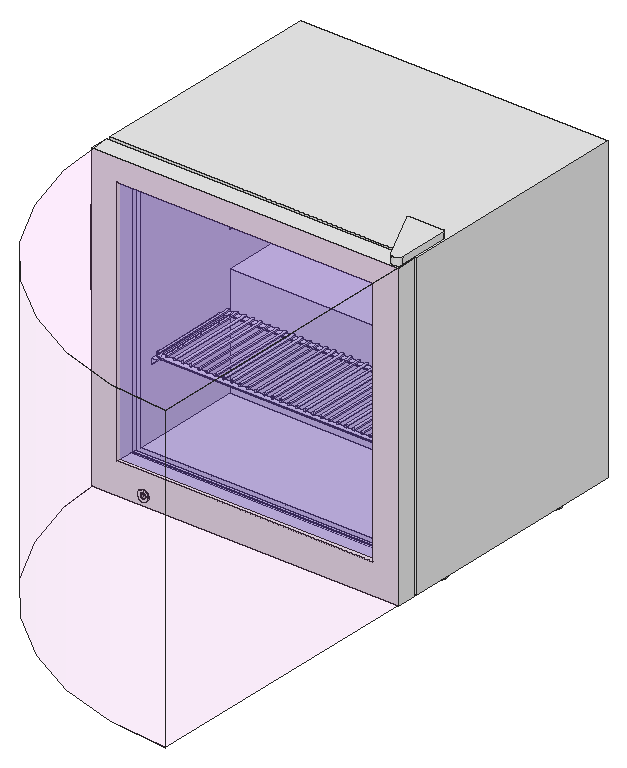
Revit family "QF_Summit_SCFU386_Countertop_Commercial_Freezer", category Specialty Equipment, Revit 2020
Family settings
  Round Connector Dimension = Use Diameter
  Part Type = Normal
  Work Plane-Based = No
  Always vertical = Yes
  Cut with Voids When Loaded = No
  Shared = No
  Room Calculation Point = No
Parameters
  Weight in Pounds = 83
  Watts = Volts * FL Amps  # 460 W
  Volts = 115 V
  URL Cutsheet = ""
  Specification by User = ""
  Specification by Manufacturer = ""
  Show Clearance [instance] = yes
  Serial Number = ""
  Seismic Rating = ""
  SMACNA No = ""
  Revision Code = ""
  Refrigerant Volume = 0.00 kip
  Refrigerant Type = "R600a"
  Phase = 1
  Number of Poles = 1
  NAFEM Spec ID Number = ""
  Model = "SCFU386"
  Min Ckt Ampacity = 0 A
  Max Overcurrent Protection = 0 A
  Masterspec = ""
  Manufacturer = "Summit"
  Length = 23.38"
  Item Number = ""
  Installed By = ""
  Identify Quantity as Lot = yes
  Height = 24"
  HP = ""
  Furnished By = ""
  Foodservice Equipment Identifier = yes
  FL Amps = 4 A
  Electrical Remarks = ""
  Electric Connection Type = ""
  Elec Conn RI Height = 0"
  Elec Conn Connection Height = 0"
  Description = "Countertop Commercial Freezer"
  Depth = 19 7/8"
  Default Elevation = 0"
  Cycle = 60 Hz
  Conn Plug = ""
  Conn Conduit = yes
  CSI MasterFormat = ""
  BTUH = 0.0 Btu/h
  Apparent Power = 0 VA
Reference planes (in)
  plane 1 "BACK": y = 0
  plane 2: z = 0
  plane 3 "LEFT": x = 0
  plane 4 "RIGHT": x = 23.38
  plane 5 "FRONT": y = -19.875
  plane 6 "TOP": z = 24
  plane 7 "Center Y": x = 11.69
  plane 8 "Center X": y = -9.9375
Dimensions and locks (in)
  equal spacing: plane 3 "LEFT", plane 7 "Center Y", plane 4 "RIGHT"
  "Length": plane 3 "LEFT" to plane 4 "RIGHT"
  equal spacing: plane 5 "FRONT", plane 8 "Center X", plane 1 "BACK"
  "Depth": plane 5 "FRONT" to plane 1 "BACK"
  "Height": plane 6 "TOP" to level
  aligned and locked: level to plane 2
Nested families (in)
  nested 1: "SCFU386" at (0, 0, 0), Show Clearance <- "Show Clearance", type "SCFU386"
    with Show Clearance yes
Connectors (in)
  electrical at (20.38, 0.03125, 2.51897), driven by "Volts", driven by "Watts"
    settings: on nested 1, index 1, voltage 115 V, apparent load 460 VA, apparent load phase1 0 VA, apparent load phase2 0 VA, apparent load phase3 0 VA, power factor 1, load classification "Other", number of poles 1, system type 30, power factor state 1, is connector primary yes, connector utility no, sub classification motor no, connector description "ELECTRICALCONNECTION"
Definition of nested family "SCFU386"
  Parameters (values of type "SCFU386")
    Weight in Pounds = 0
    URL Cutsheet = ""
    Specification by User = ""
    Specification by Manufacturer = ""
    Show Clearance [instance] = yes
    Serial Number = ""
    Seismic Rating = ""
    SMACNA No = ""
    Revision Code = ""
    NAFEM Spec ID Number = ""
    Masterspec = ""
    Length = 23.38"
    Item Number = ""
    Installed By = ""
    Identify Quantity as Lot = yes
    Height = 24"
    Furnished By = ""
    Foodservice Equipment Identifier = yes
    Depth = 19 7/8"
    Default Elevation = 0"
    CSI MasterFormat = ""
  Reference planes (in)
    plane 1 "BACK": y = 0
    plane 2: z = 0
    plane 3 "LEFT": x = 0
    plane 4 "RIGHT": x = 23.38
    plane 5 "FRONT": y = -19.875
    plane 6 "TOP": z = 24
    plane 7 "Center Y": x = 11.69
    plane 8 "Center X": y = -9.9375
    plane 9: z = 24.5
    plane 10: z = 1
    plane 11: y = -42
    plane 12: x = 20.38
  Forms (in)
    Extrusion 1, solid
      sketch origin (-4.29527, -180, 1) x (-1, 0, 0) y (0, -1, 0)
        loop
          line (-4.29527, -180) -> (-4.29527, -161.875) -> (-27.67527, -161.875) -> (-27.67527, -180) -> (-4.29527, -180)
      from 0 to 23
    Extrusion 2, void
      sketch origin (-6.37146, -180, 3.35476) x (0, -1, 0) y (-1, 0, 0)
        loop
          line (-177.33231, -9.19649) -> (-177.33231, -26.90901)
          arc (-177.33231, -26.90901) -> (-177.18586, -27.26257) -> (-176.83231, -27.40901) r 0.5
          line (-176.83231, -27.40901) -> (-161.875, -27.40901) -> (-161.875, -8.69649) -> (-176.83231, -8.69649)
          arc (-176.83231, -8.69649) -> (-177.18586, -8.84294) -> (-177.33231, -9.19649) r 0.5
      from -0.28333 to -18.2189
    Extrusion 3, solid
      sketch origin (2.32503, -3.16769, 48) x (-1, 0, 0) y (0, 0, 1)
        loop
          line (0, -38.67634) -> (-0.40451, -38.67634)
          arc (-0.40451, -38.67634) -> (-0.44106, -38.70076) -> (-0.43248, -38.74386) r 0.03955
          line (-0.43248, -38.74386) -> (-0.07853, -39.09782)
          arc (-0.07853, -39.09782) -> (-0.0284, -39.10779) -> (0, -39.06529) r 0.046
          line (0, -39.06529) -> (0, -38.67634)
        loop
          line (-18.71252, -38.67634) -> (-18.71252, -39.04788)
          arc (-18.71252, -39.04788) -> (-18.68413, -39.09038) -> (-18.634, -39.08041) r 0.046
          line (-18.634, -39.08041) -> (-18.29745, -38.74386)
          arc (-18.29745, -38.74386) -> (-18.28888, -38.70076) -> (-18.32542, -38.67634) r 0.03955
          line (-18.32542, -38.67634) -> (-18.71252, -38.67634)
      from -6.91878 to -13.92478
    Extrusion 4, solid
      sketch origin (-6.37146, -180, 3.63809) x (0, -1, 0) y (1, 0, 0)
        loop
          line (-176.83231, 8.69649) -> (-170.33231, 8.69649) -> (-170.33231, 27.40901) -> (-176.83231, 27.40901)
          arc (-176.83231, 27.40901) -> (-177.18586, 27.26257) -> (-177.33231, 26.90901) r 0.5
          line (-177.33231, 26.90901) -> (-177.33231, 9.19649)
          arc (-177.33231, 9.19649) -> (-177.18586, 8.84294) -> (-176.83231, 8.69649) r 0.5
      from 0 to 8.45518
    Extrusion 5, solid
      sketch origin (-10.88143, -9.9375, 48) x (-1, 0, 0) y (0, 0, 1)
        loop
          line (-13.20646, -32.67634) -> (-13.61097, -32.67634)
          arc (-13.61097, -32.67634) -> (-13.64752, -32.70076) -> (-13.63894, -32.74386) r 0.03955
          line (-13.63894, -32.74386) -> (-13.28499, -33.09782)
          arc (-13.28499, -33.09782) -> (-13.23486, -33.10779) -> (-13.20646, -33.06529) r 0.046
          line (-13.20646, -33.06529) -> (-13.20646, -32.67634)
        loop
          line (-31.91898, -32.67634) -> (-31.91898, -33.04788)
          arc (-31.91898, -33.04788) -> (-31.89058, -33.09038) -> (-31.84045, -33.08041) r 0.046
          line (-31.84045, -33.08041) -> (-31.50391, -32.74386)
          arc (-31.50391, -32.74386) -> (-31.49534, -32.70076) -> (-31.53188, -32.67634) r 0.03955
          line (-31.53188, -32.67634) -> (-31.91898, -32.67634)
      from 0.26981 to 6.6766
    Sweep 6, solid
      path origin (0, 0, 0) x (1, 0, 0) y (0, 1, 0)
        loop
          arc (2.5162, -16.375) -> (2.66265, -16.72855) -> (3.0162, -16.875) r 0.5
          line (3.0162, -16.875) -> (20.35494, -16.875)
          arc (20.35494, -16.875) -> (20.7085, -16.72855) -> (20.85494, -16.375) r 0.5
          line (20.85494, -16.375) -> (20.85494, -10.72322)
          arc (20.85494, -10.72322) -> (20.7085, -10.36967) -> (20.35494, -10.22322) r 0.5
          line (20.35494, -10.22322) -> (3.0162, -10.22322)
          arc (3.0162, -10.22322) -> (2.66265, -10.36967) -> (2.5162, -10.72322) r 0.5
          line (2.5162, -10.72322) -> (2.5162, -16.375)
      profile origin (2.5162, -13.54911, 0) x (-1, 0, 0) y (0, 0, 1)
        loop
          circle (0, 9.47281) r 0.14914
    Sweep 7, solid
      path origin (0, 7.4375, 0) x (1, 0, 0) y (0, 1, 0)
        loop
          arc (2.5162, -16.47322) -> (2.66265, -16.82677) -> (3.0162, -16.97322) r 0.5
          line (3.0162, -16.97322) -> (20.35494, -16.97322)
          arc (20.35494, -16.97322) -> (20.7085, -16.82677) -> (20.85494, -16.47322) r 0.5
          line (20.85494, -16.47322) -> (20.85494, -11.22322)
          arc (20.85494, -11.22322) -> (20.7085, -10.86967) -> (20.35494, -10.72322) r 0.5
          line (20.35494, -10.72322) -> (3.0162, -10.72322)
          arc (3.0162, -10.72322) -> (2.66265, -10.86967) -> (2.5162, -11.22322) r 0.5
          line (2.5162, -11.22322) -> (2.5162, -16.47322)
      profile origin (2.5162, -6.41072, 0) x (-1, 0, 0) y (0, 0, 1)
        loop
          circle (0, 15.47281) r 0.14914
    Extrusion 8, solid
      sketch origin (0, 0, 0) x (1, 0, 0) y (0, 0, 1)
        loop
          circle (2.70096, 9.70347) r 0.08155
      from 10.21801 to 16.89469
    Extrusion 9, solid
      sketch origin (18, 0, 0) x (1, 0, 0) y (0, 0, 1)
        loop
          circle (2.70096, 9.70347) r 0.08155
      from 10.21801 to 16.89469
    Extrusion 10, solid
      sketch origin (0.62069, 0, 0) x (1, 0, 0) y (0, 0, 1)
        loop
          circle (2.70096, 9.70347) r 0.08155
      from 10.21801 to 16.89469
    Extrusion 11, solid
      sketch origin (1.24138, 0, 0) x (1, 0, 0) y (0, 0, 1)
        loop
          circle (2.70096, 9.70347) r 0.08155
      from 10.21801 to 16.89469
    Extrusion 12, solid
      sketch origin (1.86207, 0, 0) x (1, 0, 0) y (0, 0, 1)
        loop
          circle (2.70096, 9.70347) r 0.08155
      from 10.21801 to 16.89469
    Extrusion 13, solid
      sketch origin (2.48276, 0, 0) x (1, 0, 0) y (0, 0, 1)
        loop
          circle (2.70096, 9.70347) r 0.08155
      from 10.21801 to 16.89469
    Extrusion 14, solid
      sketch origin (3.10345, 0, 0) x (1, 0, 0) y (0, 0, 1)
        loop
          circle (2.70096, 9.70347) r 0.08155
      from 10.21801 to 16.89469
    Extrusion 15, solid
      sketch origin (3.72414, 0, 0) x (1, 0, 0) y (0, 0, 1)
        loop
          circle (2.70096, 9.70347) r 0.08155
      from 10.21801 to 16.89469
    Extrusion 16, solid
      sketch origin (4.34483, 0, 0) x (1, 0, 0) y (0, 0, 1)
        loop
          circle (2.70096, 9.70347) r 0.08155
      from 10.21801 to 16.89469
    Extrusion 17, solid
      sketch origin (4.96552, 0, 0) x (1, 0, 0) y (0, 0, 1)
        loop
          circle (2.70096, 9.70347) r 0.08155
      from 10.21801 to 16.89469
    Extrusion 18, solid
      sketch origin (5.58621, 0, 0) x (1, 0, 0) y (0, 0, 1)
        loop
          circle (2.70096, 9.70347) r 0.08155
      from 10.21801 to 16.89469
    Extrusion 19, solid
      sketch origin (6.2069, 0, 0) x (1, 0, 0) y (0, 0, 1)
        loop
          circle (2.70096, 9.70347) r 0.08155
      from 10.21801 to 16.89469
    Extrusion 20, solid
      sketch origin (6.82759, 0, 0) x (1, 0, 0) y (0, 0, 1)
        loop
          circle (2.70096, 9.70347) r 0.08155
      from 10.21801 to 16.89469
    Extrusion 21, solid
      sketch origin (7.44828, 0, 0) x (1, 0, 0) y (0, 0, 1)
        loop
          circle (2.70096, 9.70347) r 0.08155
      from 10.21801 to 16.89469
    Extrusion 22, solid
      sketch origin (8.06897, 0, 0) x (1, 0, 0) y (0, 0, 1)
        loop
          circle (2.70096, 9.70347) r 0.08155
      from 10.21801 to 16.89469
    Extrusion 23, solid
      sketch origin (8.68966, 0, 0) x (1, 0, 0) y (0, 0, 1)
        loop
          circle (2.70096, 9.70347) r 0.08155
      from 10.21801 to 16.89469
    Extrusion 24, solid
      sketch origin (9.31034, 0, 0) x (1, 0, 0) y (0, 0, 1)
        loop
          circle (2.70096, 9.70347) r 0.08155
      from 10.21801 to 16.89469
    Extrusion 25, solid
      sketch origin (9.93103, 0, 0) x (1, 0, 0) y (0, 0, 1)
        loop
          circle (2.70096, 9.70347) r 0.08155
      from 10.21801 to 16.89469
    Extrusion 26, solid
      sketch origin (10.55172, 0, 0) x (1, 0, 0) y (0, 0, 1)
        loop
          circle (2.70096, 9.70347) r 0.08155
      from 10.21801 to 16.89469
    Extrusion 27, solid
      sketch origin (11.17241, 0, 0) x (1, 0, 0) y (0, 0, 1)
        loop
          circle (2.70096, 9.70347) r 0.08155
      from 10.21801 to 16.89469
    Extrusion 28, solid
      sketch origin (11.7931, 0, 0) x (1, 0, 0) y (0, 0, 1)
        loop
          circle (2.70096, 9.70347) r 0.08155
      from 10.21801 to 16.89469
    Extrusion 29, solid
      sketch origin (12.41379, 0, 0) x (1, 0, 0) y (0, 0, 1)
        loop
          circle (2.70096, 9.70347) r 0.08155
      from 10.21801 to 16.89469
    Extrusion 30, solid
      sketch origin (13.03448, 0, 0) x (1, 0, 0) y (0, 0, 1)
        loop
          circle (2.70096, 9.70347) r 0.08155
      from 10.21801 to 16.89469
    Extrusion 31, solid
      sketch origin (13.65517, 0, 0) x (1, 0, 0) y (0, 0, 1)
        loop
          circle (2.70096, 9.70347) r 0.08155
      from 10.21801 to 16.89469
    Extrusion 32, solid
      sketch origin (14.27586, 0, 0) x (1, 0, 0) y (0, 0, 1)
        loop
          circle (2.70096, 9.70347) r 0.08155
      from 10.21801 to 16.89469
    Extrusion 33, solid
      sketch origin (14.89655, 0, 0) x (1, 0, 0) y (0, 0, 1)
        loop
          circle (2.70096, 9.70347) r 0.08155
      from 10.21801 to 16.89469
    Extrusion 34, solid
      sketch origin (15.51724, 0, 0) x (1, 0, 0) y (0, 0, 1)
        loop
          circle (2.70096, 9.70347) r 0.08155
      from 10.21801 to 16.89469
    Extrusion 35, solid
      sketch origin (16.13793, 0, 0) x (1, 0, 0) y (0, 0, 1)
        loop
          circle (2.70096, 9.70347) r 0.08155
      from 10.21801 to 16.89469
    Extrusion 36, solid
      sketch origin (16.75862, 0, 0) x (1, 0, 0) y (0, 0, 1)
        loop
          circle (2.70096, 9.70347) r 0.08155
      from 10.21801 to 16.89469
    Extrusion 37, solid
      sketch origin (17.37931, 0, 0) x (1, 0, 0) y (0, 0, 1)
        loop
          circle (2.70096, 9.70347) r 0.08155
      from 10.21801 to 16.89469
    Extrusion 38, solid
      sketch origin (0, 0, 6) x (1, 0, 0) y (0, 0, 1)
        loop
          circle (2.70096, 9.70347) r 0.08155
      from 3.28472 to 9.54206
    Extrusion 39, solid
      sketch origin (18, 0, 6) x (1, 0, 0) y (0, 0, 1)
        loop
          circle (2.70096, 9.70347) r 0.08155
      from 3.28472 to 9.54206
    Extrusion 40, solid
      sketch origin (0.62069, 0, 6) x (1, 0, 0) y (0, 0, 1)
        loop
          circle (2.70096, 9.70347) r 0.08155
      from 3.28472 to 9.54206
    Extrusion 41, solid
      sketch origin (1.24138, 0, 6) x (1, 0, 0) y (0, 0, 1)
        loop
          circle (2.70096, 9.70347) r 0.08155
      from 3.28472 to 9.54206
    Extrusion 42, solid
      sketch origin (1.86207, 0, 6) x (1, 0, 0) y (0, 0, 1)
        loop
          circle (2.70096, 9.70347) r 0.08155
      from 3.28472 to 9.54206
    Extrusion 43, solid
      sketch origin (2.48276, 0, 6) x (1, 0, 0) y (0, 0, 1)
        loop
          circle (2.70096, 9.70347) r 0.08155
      from 3.28472 to 9.54206
    Extrusion 44, solid
      sketch origin (3.10345, 0, 6) x (1, 0, 0) y (0, 0, 1)
        loop
          circle (2.70096, 9.70347) r 0.08155
      from 3.28472 to 9.54206
    Extrusion 45, solid
      sketch origin (3.72414, 0, 6) x (1, 0, 0) y (0, 0, 1)
        loop
          circle (2.70096, 9.70347) r 0.08155
      from 3.28472 to 9.54206
    Extrusion 46, solid
      sketch origin (4.34483, 0, 6) x (1, 0, 0) y (0, 0, 1)
        loop
          circle (2.70096, 9.70347) r 0.08155
      from 3.28472 to 9.54206
    Extrusion 47, solid
      sketch origin (4.96552, 0, 6) x (1, 0, 0) y (0, 0, 1)
        loop
          circle (2.70096, 9.70347) r 0.08155
      from 3.28472 to 9.54206
    Extrusion 48, solid
      sketch origin (5.58621, 0, 6) x (1, 0, 0) y (0, 0, 1)
        loop
          circle (2.70096, 9.70347) r 0.08155
      from 3.28472 to 9.54206
    Extrusion 49, solid
      sketch origin (6.2069, 0, 6) x (1, 0, 0) y (0, 0, 1)
        loop
          circle (2.70096, 9.70347) r 0.08155
      from 3.28472 to 9.54206
    Extrusion 50, solid
      sketch origin (6.82759, 0, 6) x (1, 0, 0) y (0, 0, 1)
        loop
          circle (2.70096, 9.70347) r 0.08155
      from 3.28472 to 9.54206
    Extrusion 51, solid
      sketch origin (7.44828, 0, 6) x (1, 0, 0) y (0, 0, 1)
        loop
          circle (2.70096, 9.70347) r 0.08155
      from 3.28472 to 9.54206
    Extrusion 52, solid
      sketch origin (8.06897, 0, 6) x (1, 0, 0) y (0, 0, 1)
        loop
          circle (2.70096, 9.70347) r 0.08155
      from 3.28472 to 9.54206
    Extrusion 53, solid
      sketch origin (8.68966, 0, 6) x (1, 0, 0) y (0, 0, 1)
        loop
          circle (2.70096, 9.70347) r 0.08155
      from 3.28472 to 9.54206
    Extrusion 54, solid
      sketch origin (9.31034, 0, 6) x (1, 0, 0) y (0, 0, 1)
        loop
          circle (2.70096, 9.70347) r 0.08155
      from 3.28472 to 9.54206
    Extrusion 55, solid
      sketch origin (9.93103, 0, 6) x (1, 0, 0) y (0, 0, 1)
        loop
          circle (2.70096, 9.70347) r 0.08155
      from 3.28472 to 9.54206
    Extrusion 56, solid
      sketch origin (10.55172, 0, 6) x (1, 0, 0) y (0, 0, 1)
        loop
          circle (2.70096, 9.70347) r 0.08155
      from 3.28472 to 9.54206
    Extrusion 57, solid
      sketch origin (11.17241, 0, 6) x (1, 0, 0) y (0, 0, 1)
        loop
          circle (2.70096, 9.70347) r 0.08155
      from 3.28472 to 9.54206
    Extrusion 58, solid
      sketch origin (11.7931, 0, 6) x (1, 0, 0) y (0, 0, 1)
        loop
          circle (2.70096, 9.70347) r 0.08155
      from 3.28472 to 9.54206
    Extrusion 59, solid
      sketch origin (12.41379, 0, 6) x (1, 0, 0) y (0, 0, 1)
        loop
          circle (2.70096, 9.70347) r 0.08155
      from 3.28472 to 9.54206
    Extrusion 60, solid
      sketch origin (13.03448, 0, 6) x (1, 0, 0) y (0, 0, 1)
        loop
          circle (2.70096, 9.70347) r 0.08155
      from 3.28472 to 9.54206
    Extrusion 61, solid
      sketch origin (13.65517, 0, 6) x (1, 0, 0) y (0, 0, 1)
        loop
          circle (2.70096, 9.70347) r 0.08155
      from 3.28472 to 9.54206
    Extrusion 62, solid
      sketch origin (14.27586, 0, 6) x (1, 0, 0) y (0, 0, 1)
        loop
          circle (2.70096, 9.70347) r 0.08155
      from 3.28472 to 9.54206
    Extrusion 63, solid
      sketch origin (14.89655, 0, 6) x (1, 0, 0) y (0, 0, 1)
        loop
          circle (2.70096, 9.70347) r 0.08155
      from 3.28472 to 9.54206
    Extrusion 64, solid
      sketch origin (15.51724, 0, 6) x (1, 0, 0) y (0, 0, 1)
        loop
          circle (2.70096, 9.70347) r 0.08155
      from 3.28472 to 9.54206
    Extrusion 65, solid
      sketch origin (16.13793, 0, 6) x (1, 0, 0) y (0, 0, 1)
        loop
          circle (2.70096, 9.70347) r 0.08155
      from 3.28472 to 9.54206
    Extrusion 66, solid
      sketch origin (16.75862, 0, 6) x (1, 0, 0) y (0, 0, 1)
        loop
          circle (2.70096, 9.70347) r 0.08155
      from 3.28472 to 9.54206
    Extrusion 67, solid
      sketch origin (17.37931, 0, 6) x (1, 0, 0) y (0, 0, 1)
        loop
          circle (2.70096, 9.70347) r 0.08155
      from 3.28472 to 9.54206
    Extrusion 68, solid
      sketch origin (-4.29527, -180, 1) x (0, -1, 0) y (-1, 0, 0)
        loop
          line (-161.58562, -4.29527) -> (-161.58562, -27.67527) -> (-160.125, -27.67527) -> (-160.125, -4.29527) -> (-161.58562, -4.29527)
      from 0 to -23
    Extrusion 69, void
      sketch origin (23.38, -19.875, 1) x (1, 0, 0) y (0, 0, -1)
        loop
          line (-21.43434, -21.37061) -> (-1.94949, -21.37061) -> (-1.94949, -2.35476) -> (-21.43434, -2.35476) -> (-21.43434, -21.37061)
      from 0 to 1.75
    Extrusion 70, solid
      sketch origin (-4.29527, -180, 1) x (0, -1, 0) y (-1, 0, 0)
        loop
          line (-161.58562, -4.8703) -> (-161.875, -4.8703) -> (-161.875, -27.08283) -> (-161.58562, -27.08283) -> (-161.58562, -4.8703)
      from -0.65531 to -22.49922
    Extrusion 71, solid
      sketch origin (22.324, -19.875, 3.35476) x (-1, 0, 0) y (0, -1, 0)
        loop
          line (0.8935, -0.23031) -> (0.8935, -1.23031) -> (20.37834, -1.23031) -> (20.37834, -0.23031) -> (0.8935, -0.23031)
      from 0 to 19.01585
    Extrusion 72, solid
      sketch origin (-4.29527, -180, 24) x (-1, 0, 0) y (0, -1, 0)
        loop
          arc (-24.8577, -164.74771) -> (-24.73775, -164.68053) -> (-24.73235, -164.54316) r 0.14068
          line (-24.73235, -164.54316) -> (-26.78093, -160.52261)
          arc (-26.78093, -160.52261) -> (-27.23445, -160.31353) -> (-27.54362, -160.70571) r 0.40332
          line (-27.54362, -160.70571) -> (-27.54362, -164.57925)
          arc (-27.54362, -164.57925) -> (-27.49428, -164.69837) -> (-27.37516, -164.74771) r 0.16846
          line (-27.37516, -164.74771) -> (-24.8577, -164.74771)
      from 0 to 0.5
    Extrusion 73, solid
      sketch origin (-4.29527, -180, 1) x (0, 1, 0) y (1, 0, 0)
        loop
          line (164.74771, 24.8577) -> (164.74771, 27.37516)
          arc (164.74771, 27.37516) -> (164.69837, 27.49428) -> (164.57925, 27.54362) r 0.16846
          line (164.57925, 27.54362) -> (160.70571, 27.54362)
          arc (160.70571, 27.54362) -> (160.31353, 27.23445) -> (160.52261, 26.78093) r 0.40332
          line (160.52261, 26.78093) -> (164.54316, 24.73235)
          arc (164.54316, 24.73235) -> (164.68053, 24.73775) -> (164.74771, 24.8577) r 0.14068
      from 0 to 0.0706
    Extrusion 74, solid
      sketch origin (0, -19.875, 0) x (1, 0, 0) y (0, 0, 1)
        loop
          line (0, 19.94338) -> (-0.25, 19.94338) -> (-0.25, 14.19338) -> (0, 14.19338) -> (0, 19.94338)
      from -0.23031 to -1.23031
    Revolve 75, solid
      sketch origin (0, -14.125, 6.97574) x (0, 0, 1) y (1, 0, 0)
        loop
          line (-5.97574, 1.60291) -> (-5.97574, 1.95741) -> (-6.22574, 1.95741) -> (-6.22574, 2.20741) -> (-6.97574, 2.20741) -> (-6.97574, 1.60291) -> (-5.97574, 1.60291)
        axis (-6.97574, 1.60291) -> (-5.97574, 1.60291)
      angle from 0 to 360
    Revolve 76, solid
      sketch origin (0, -14.125, 6.97574) x (0, 0, 1) y (1, 0, 0)
        loop
          line (-5.97574, 21.77709) -> (-6.97574, 21.77709) -> (-6.97574, 21.17259) -> (-6.22574, 21.17259) -> (-6.22574, 21.42259) -> (-5.97574, 21.42259) -> (-5.97574, 21.77709)
        axis (-6.97574, 21.77709) -> (-5.97574, 21.77709)
      angle from 0 to 360
    Revolve 77, solid
      sketch origin (0, -3.25, 6.97574) x (0, 0, 1) y (-1, 0, 0)
        loop
          line (-5.97574, -1.60291) -> (-6.97574, -1.60291) -> (-6.97574, -2.20741) -> (-6.22574, -2.20741) -> (-6.22574, -1.95741) -> (-5.97574, -1.95741) -> (-5.97574, -1.60291)
        axis (-6.97574, -1.60291) -> (-5.97574, -1.60291)
      angle from 0 to 360
    Revolve 78, solid
      sketch origin (0, -3.25, 6.97574) x (0, 0, 1) y (-1, 0, 0)
        loop
          line (-5.97574, -21.77709) -> (-5.97574, -21.42259) -> (-6.22574, -21.42259) -> (-6.22574, -21.17259) -> (-6.97574, -21.17259) -> (-6.97574, -21.77709) -> (-5.97574, -21.77709)
        axis (-6.97574, -21.77709) -> (-5.97574, -21.77709)
      angle from 0 to 360
    Extrusion 79, solid, visible <- "Show Clearance"
      sketch origin (-4.29527, -180, 1) x (1, 0, 0) y (0, -1, 0)
        loop
          line (27.67527, -161.58562) -> (27.67527, -138)
          arc (27.67527, -138) -> (11.07057, -144.9207) -> (4.29617, -161.58562) r 23.38
          line (4.29617, -161.58562) -> (27.67527, -161.58562)
      from 0 to -23
    Extrusion 80, solid
      sketch origin (23.38, -19.875, 1) x (-1, 0, 0) y (0, 0, -1)
        loop
          circle (19.43103, -0.68656) r 0.40627
        loop
          circle (19.43103, -0.68656) r 0.18995
      from 0 to 0.03125
    Extrusion 81, solid
      sketch origin (23.38, -19.875, 1) x (-1, 0, 0) y (0, 0, -1)
        loop
          circle (19.43103, -0.68656) r 0.18995
        loop
          line (19.36853, -0.8326) -> (19.49353, -0.8326) -> (19.49353, -0.54051) -> (19.36853, -0.54051) -> (19.36853, -0.8326)
      from 0 to 0.03125
    Extrusion 82, solid
      sketch origin (0, 0, 0) x (1, 0, 0) y (0, 0, 1)
        loop
          circle (20.38, 2.51897) r 0.25
      from 0 to -0.03125
  Cuts and joins
    Extrusion 2, Extrusion 69 cuts Extrusion 1
    Extrusion 69 cuts Extrusion 4
    joined: Extrusion 1, Extrusion 4
    Extrusion 69 cuts Extrusion 3
    Extrusion 69 cuts Extrusion 5
    Extrusion 69 cuts Sweep 6
    Extrusion 69 cuts Sweep 7
    Extrusion 69 cuts Extrusion 8
    Extrusion 69 cuts Extrusion 9
    Extrusion 69 cuts Extrusion 10
    Extrusion 69 cuts Extrusion 11
    Extrusion 69 cuts Extrusion 12
    Extrusion 69 cuts Extrusion 13
    Extrusion 69 cuts Extrusion 14
    Extrusion 69 cuts Extrusion 15
    Extrusion 69 cuts Extrusion 16
    Extrusion 69 cuts Extrusion 17
    Extrusion 69 cuts Extrusion 18
    Extrusion 69 cuts Extrusion 19
    Extrusion 69 cuts Extrusion 20
    Extrusion 69 cuts Extrusion 21
    Extrusion 69 cuts Extrusion 22
    Extrusion 69 cuts Extrusion 23
    Extrusion 69 cuts Extrusion 24
    Extrusion 69 cuts Extrusion 25
    Extrusion 69 cuts Extrusion 26
    Extrusion 69 cuts Extrusion 27
    Extrusion 69 cuts Extrusion 28
    Extrusion 69 cuts Extrusion 29
    Extrusion 69 cuts Extrusion 30
    Extrusion 69 cuts Extrusion 31
    Extrusion 69 cuts Extrusion 32
    Extrusion 69 cuts Extrusion 33
    Extrusion 69 cuts Extrusion 34
    Extrusion 69 cuts Extrusion 35
    Extrusion 69 cuts Extrusion 36
    Extrusion 69 cuts Extrusion 37
    Extrusion 69 cuts Extrusion 38
    Extrusion 69 cuts Extrusion 39
    Extrusion 69 cuts Extrusion 40
    Extrusion 69 cuts Extrusion 41
    Extrusion 69 cuts Extrusion 42
    Extrusion 69 cuts Extrusion 43
    Extrusion 69 cuts Extrusion 44
    Extrusion 69 cuts Extrusion 45
    Extrusion 69 cuts Extrusion 46
    Extrusion 69 cuts Extrusion 47
    Extrusion 69 cuts Extrusion 48
    Extrusion 69 cuts Extrusion 49
    Extrusion 69 cuts Extrusion 50
    Extrusion 69 cuts Extrusion 51
    Extrusion 69 cuts Extrusion 52
    Extrusion 69 cuts Extrusion 53
    Extrusion 69 cuts Extrusion 54
    Extrusion 69 cuts Extrusion 55
    Extrusion 69 cuts Extrusion 56
    Extrusion 69 cuts Extrusion 57
    Extrusion 69 cuts Extrusion 58
    Extrusion 69 cuts Extrusion 59
    Extrusion 69 cuts Extrusion 60
    Extrusion 69 cuts Extrusion 61
    Extrusion 69 cuts Extrusion 62
    Extrusion 69 cuts Extrusion 63
    Extrusion 69 cuts Extrusion 64
    Extrusion 69 cuts Extrusion 65
    Extrusion 69 cuts Extrusion 66
    Extrusion 69 cuts Extrusion 67
    Extrusion 69 cuts Extrusion 68
    joined: Extrusion 68, Extrusion 74
    Extrusion 69 cuts Extrusion 70
  Lines and regions (in)
    symbolic lines
      curve 1: line (0, 0, 0) -> (0, -18.125, 0)
      curve 2: line (0, -18.125, 0) -> (21.79658, -18.125, 0)
      curve 3: line (23.38, -18.125, 0) -> (23.38, 0, 0)
      curve 4: line (23.38, 0, 0) -> (0, 0, 0)
      curve 5: line (20.43708, -15.45684, 0) -> (22.48566, -19.47739, 0)
      curve 6: arc (22.48566, -19.47739, 0) -> (22.93918, -19.68647, 0) -> (23.24835, -19.29429, 0) r 0.40332
      curve 7: line (23.24835, -19.29429, 0) -> (23.24835, -15.42075, 0)
      curve 8: arc (23.24835, -15.42075, 0) -> (23.19901, -15.30163, 0) -> (23.07989, -15.25229, 0) r 0.16846
      curve 9: line (23.07989, -15.25229, 0) -> (20.56243, -15.25229, 0)
      curve 10: arc (20.56243, -15.25229, 0) -> (20.44248, -15.31947, 0) -> (20.43708, -15.45684, 0) r 0.14068
      curve 11: line (0, -19.875, 0) -> (23.38, -19.875, 0)
      curve 12: line (23.38, -19.875, 0) -> (23.38, -18.41438, 0)
      curve 13: line (23.38, -18.41438, 0) -> (23.24835, -18.41438, 0)
      curve 14: line (0, -18.41438, 0) -> (0, -19.875, 0)
      curve 15: line (0.57503, -18.125, 0) -> (0.57503, -18.41438, 0)
      curve 16: line (0, -18.64469, 0) -> (-0.25, -18.64469, 0)
      curve 17: line (-0.25, -18.64469, 0) -> (-0.25, -19.64469, 0)
      curve 18: line (-0.25, -19.64469, 0) -> (0, -19.64469, 0)
      curve 21: line (21.94403, -18.41438, 0) -> (0, -18.41438, 0)
      curve 22: line (23.24835, -18.125, 0) -> (23.38, -18.125, 0)
    symbolic lines, visible <- "Show Clearance"
      curve 19: arc (3.04388, -30.15545, 0) -> (0.74776, -24.48568, 0) -> (0.0009, -18.41438, 0) r 23.38
      curve 20: line (23.38, -18.41438, 0) -> (3.04388, -30.15545, 0)
  Dimensions and locks (in)
    equal spacing: plane 3 "LEFT", plane 7 "Center Y", plane 4 "RIGHT"
    "Length": plane 3 "LEFT" to plane 4 "RIGHT"
    equal spacing: plane 5 "FRONT", plane 8 "Center X", plane 1 "BACK"
    "Depth": plane 5 "FRONT" to plane 1 "BACK"
    "Height": plane 6 "TOP" to level
    plane 9 to plane 6 "TOP" = 1/2"
    equal spacing: group 1, group 3, group 4, group 5, group 6, group 7, group 8, group 9, group 10, group 11, group 12, group 13, group 14, group 15, group 16, group 17, group 18, group 19, group 20, group 21, group 22, group 23, group 24, group 25, group 26, group 27, group 28, group 29, group 30, group 2  (x3)
    plane 1 "BACK" to plane 11 = 42"
    plane 12 to plane 4 "RIGHT" = 3"
    aligned and locked: level to plane 2
  Automatic sketch dimensions
    plane 1 "BACK" to Extrusion 1 sketch curve = 0"
    Extrusion 1 sketch curve to plane 4 "RIGHT" = 0"
    Extrusion 1 sketch curve to plane 3 "LEFT" = 0"
    Extrusion 1 sketch curve to plane 5 "FRONT" = 1 3/4"
    plane 1 "BACK" to Extrusion 2 sketch curve = 2.66769"
    Extrusion 2 sketch curve to Extrusion 2 sketch curve = 1/2"  (x2)
    Extrusion 2 sketch curve to plane 5 "FRONT" = 1 3/4"
    plane 3 "LEFT" to Extrusion 2 sketch curve = 2.32503"
    plane 4 "RIGHT" to Extrusion 2 sketch curve = 2.84244"
    plane 4 "RIGHT" to Extrusion 3 sketch curve = 2.34244"
    Extrusion 3 sketch curve to Extrusion 3 sketch curve = 0.046"  (x2)
    Extrusion 3 sketch curve to Extrusion 3 sketch curve = 0.03253"  (x2)
    Extrusion 3 sketch curve to Extrusion 3 sketch curve = 0.3871"
    Extrusion 3 sketch curve to Extrusion 3 sketch curve = 0.02797"  (x4)
    plane 3 "LEFT" to Extrusion 3 sketch curve = 2.75752"
    Extrusion 3 sketch curve to Extrusion 3 sketch curve = 0.35396"  (x2)
    Extrusion 3 sketch curve to Extrusion 3 sketch curve = 0.33655"
    Extrusion 4 sketch curve to Extrusion 2 = 0"
    Extrusion 4 sketch curve to Extrusion 2 = 1/2"
    Extrusion 4 sketch curve to Extrusion 4 sketch curve = 6 1/2"
    plane 4 "RIGHT" to Extrusion 5 sketch curve = 2.34244"
    Extrusion 5 sketch curve to Extrusion 5 sketch curve = 0.046"  (x2)
    Extrusion 5 sketch curve to Extrusion 5 sketch curve = 0.03253"  (x2)
    Extrusion 5 sketch curve to Extrusion 5 sketch curve = 0.3871"
    Extrusion 5 sketch curve to Extrusion 5 sketch curve = 0.02797"  (x4)
    plane 3 "LEFT" to Extrusion 5 sketch curve = 2.75752"
    Extrusion 5 sketch curve to Extrusion 5 sketch curve = 0.35396"  (x2)
    Extrusion 5 sketch curve to plane 6 "TOP" = 9.09782"
    Extrusion 5 sketch curve to plane 6 "TOP" = 9.08041"
    Extrusion 5 sketch curve to Extrusion 5 sketch curve = 0.33655"
    Sweep 6 sketch curve to profile plane = 0"
    level to Sweep 6 sketch curve = 9.47281"
    plane 8 "Center X" to Sweep 7 sketch curve = 0.90178"
    plane 3 "LEFT" to Sweep 7 sketch curve = 2.5162"
    Sweep 7 sketch curve to Sweep 7 sketch curve = 1/2"  (x2)
    plane 8 "Center X" to Sweep 7 sketch curve = 0.40178"
    plane 4 "RIGHT" to Sweep 7 sketch curve = 3.02506"  (x2)
    plane 1 "BACK" to Sweep 7 sketch curve = 3.78572"
    Sweep 7 sketch curve to profile plane = 0"
    level to Sweep 7 sketch curve = 15.47281"
    Extrusion 68 sketch curve to Extrusion 1 = 0"  (x2)
    Extrusion 68 sketch curve to Extrusion 1 = 0.28938"
    Extrusion 68 sketch curve to Extrusion 68 sketch curve = 1.46062"
    Extrusion 69 sketch curve to Extrusion 68 = 1.94566"
    Extrusion 68 to Extrusion 69 sketch curve = 1.94949"
    Extrusion 69 sketch curve to Extrusion 68 = 1.62939"
    Extrusion 69 sketch curve to Extrusion 68 = 2.35476"
    Extrusion 70 sketch curve to Extrusion 1 = 0"
    Extrusion 70 sketch curve to Extrusion 1 = 0.28938"
    Extrusion 1 to Extrusion 70 sketch curve = 0.57503"
    Extrusion 1 to Extrusion 70 sketch curve = 0.59244"
    Extrusion 71 sketch curve to Extrusion 69 = 0"  (x2)
    Extrusion 69 to Extrusion 71 sketch curve = 0.51969"
    Extrusion 69 to Extrusion 71 sketch curve = 0.23031"
    Extrusion 72 sketch curve to Extrusion 1 = 0.13165"
    Extrusion 72 sketch curve to Extrusion 72 sketch curve = 0.16846"
    Extrusion 72 sketch curve to Extrusion 72 sketch curve = 0.40332"
    Extrusion 72 sketch curve to Extrusion 72 sketch curve = 23/64"
    Extrusion 72 sketch curve to Extrusion 72 sketch curve = 2.51746"
    Extrusion 72 sketch curve to Extrusion 72 sketch curve = 0.12534"
    Extrusion 72 sketch curve to Extrusion 1 = 2.87271"
    Extrusion 72 sketch curve to Extrusion 72 sketch curve = 0.14068"
    Extrusion 1 to Extrusion 72 sketch curve = 1.16929"
    Extrusion 73 sketch curve to plane 5 "FRONT" = 0.39761"
    plane 4 "RIGHT" to Extrusion 73 sketch curve = 0.13165"
    Extrusion 73 sketch curve to plane 5 "FRONT" = 0.58071"
    Extrusion 73 sketch curve to plane 5 "FRONT" = 4.41816"
    Extrusion 73 sketch curve to Extrusion 73 sketch curve = 0.03608"
    Extrusion 73 sketch curve to Extrusion 73 sketch curve = 0.06387"
    Extrusion 73 sketch curve to Extrusion 73 sketch curve = 0.16846"
    Extrusion 73 sketch curve to Extrusion 73 sketch curve = 0.40332"
    Extrusion 73 sketch curve to Extrusion 73 sketch curve = 2.51746"
    Extrusion 74 sketch curve to plane 3 "LEFT" = 0"
    Extrusion 74 sketch curve to Extrusion 74 sketch curve = 1/4"
    Extrusion 74 sketch curve to plane 6 "TOP" = 9.80662"
    Extrusion 74 sketch curve to plane 6 "TOP" = 4.05662"
    Revolve 75 sketch curve to level = 0"  (x2)
    Revolve 75 sketch curve to plane 10 = 0"
    Revolve 75 sketch curve to plane 10 = 1/4"
    plane 3 "LEFT" to Revolve 75 sketch curve = 1.60291"
    Revolve 75 sketch curve to Revolve 75 sketch curve = 0.35451"
    Revolve 75 sketch curve to Revolve 75 sketch curve = 0.60451"
    Revolve 75 sketch curve to Revolve 75 sketch curve = 1/4"
    Revolve 75 sketch curve to Revolve 75 sketch curve = 0"
    Revolve 76 sketch curve to level = 0"  (x2)
    Revolve 76 sketch curve to plane 10 = 0"
    Revolve 76 sketch curve to plane 10 = 1/4"
    plane 4 "RIGHT" to Revolve 76 sketch curve = 2.20741"
    Revolve 76 sketch curve to Revolve 76 sketch curve = 1/4"  (x2)
    Revolve 76 sketch curve to Revolve 76 sketch curve = 0.60451"
    Revolve 76 sketch curve to Revolve 76 sketch curve = 0"
    Revolve 77 sketch curve to level = 0"  (x2)
    Revolve 77 sketch curve to plane 10 = 0"
    Revolve 77 sketch curve to plane 10 = 1/4"
    plane 3 "LEFT" to Revolve 77 sketch curve = 2.20741"
    Revolve 77 sketch curve to Revolve 77 sketch curve = 1/4"  (x2)
    Revolve 77 sketch curve to Revolve 77 sketch curve = 0.60451"
    Revolve 77 sketch curve to Revolve 77 sketch curve = 0"
    Revolve 78 sketch curve to level = 0"  (x2)
    Revolve 78 sketch curve to plane 10 = 0"
    Revolve 78 sketch curve to plane 10 = 1/4"
    plane 4 "RIGHT" to Revolve 78 sketch curve = 1.60291"
    Revolve 78 sketch curve to Revolve 78 sketch curve = 0.35451"
    Revolve 78 sketch curve to Revolve 78 sketch curve = 0.60451"
    Revolve 78 sketch curve to Revolve 78 sketch curve = 1/4"
    Revolve 78 sketch curve to Revolve 78 sketch curve = 0"
    plane 3 "LEFT" to Sweep 6 sketch curve = 2.5162"
    Sweep 6 sketch curve to plane 8 "Center X" = 0.28572"
    Sweep 6 sketch curve to Sweep 6 sketch curve = 1/2"  (x3)
    plane 4 "RIGHT" to Sweep 6 sketch curve = 3.02506"  (x2)
    Sweep 6 sketch curve to plane 5 "FRONT" = 3 1/2"
    Extrusion 68 to Extrusion 79 sketch curve = 0"
    Extrusion 79 sketch curve to Extrusion 68 = 0"
    Extrusion 68 to Extrusion 79 sketch curve = 0.20562"
    Extrusion 79 sketch curve to Extrusion 68 = 22 1/8"
    Extrusion 80 sketch curve to Extrusion 80 sketch curve = 0"  (x2)
    Extrusion 68 to Extrusion 80 sketch curve = 0.68656"
    Extrusion 68 to Extrusion 80 sketch curve = 3.94897"
    Extrusion 68 to Extrusion 81 sketch curve = 0.68656"
    Extrusion 68 to Extrusion 81 sketch curve = 3.94897"
    Extrusion 81 sketch curve to Extrusion 81 sketch curve = 1/16"
    Extrusion 81 sketch curve to Extrusion 81 sketch curve = 0.18995"
    Extrusion 81 sketch curve to Extrusion 81 sketch curve = 1/8"
    Extrusion 81 sketch curve to Extrusion 81 sketch curve = 0.14605"  (x2)
    curve 21 to plane 3 "LEFT" = 0"
    curve 2 to plane 3 "LEFT" = 0"
    curve 3 to plane 4 "RIGHT" = 0"
    curve 19 to plane 4 "RIGHT" = 0"
    curve 13 to plane 4 "RIGHT" = 0"
    plane 5 "FRONT" to curve 12 = 0"
    plane 1 "BACK" to curve 4 = 0"
    curve 16 to plane 3 "LEFT" = 1/4"
    plane 3 "LEFT" to curve 20 = 3.04388"
    plane 12 to curve 5 = 0.05708"
    plane 12 to curve 9 = 0.18243"
    curve 5 to plane 5 "FRONT" = 0.39761"
    plane 4 "RIGHT" to curve 5 = 0.89434"
    curve 6 to curve 6 = 23/64"
    plane 4 "RIGHT" to curve 8 = 0.30011"
    plane 4 "RIGHT" to curve 7 = 0.13165"
    plane 5 "FRONT" to curve 20 = 10.28045"
    curve 18 to plane 5 "FRONT" = 0.23031"
    curve 17 to curve 17 = 1"
    curve 6 to curve 19 = 0.67429"
    curve 19 to curve 20 = 0.20562"
    curve 16 to curve 21 = 0.23031"
    curve 12 to curve 3 = 0.28938"
    curve 14 to curve 1 = 0.28938"
    curve 2 to curve 5 = 2.66816"
    curve 22 to curve 7 = 2.70425"
    curve 14 to curve 19 = 0.0009"
    curve 19 to curve 15 = 0.57413"
    plane 10 to Extrusion 3 sketch curve = 7.90218"
    plane 10 to Extrusion 3 sketch curve = 7.91959"
    Extrusion 82 sketch curve to plane 12 = 0"
    plane 10 to Extrusion 82 sketch curve = 1.51897"
    radius of Extrusion 8 sketch curve = 0.08155"
    radius of Extrusion 9 sketch curve = 0.08155"
    radius of Extrusion 10 sketch curve = 0.08155"
    radius of Extrusion 11 sketch curve = 0.08155"
    radius of Extrusion 12 sketch curve = 0.08155"
    radius of Extrusion 13 sketch curve = 0.08155"
    radius of Extrusion 14 sketch curve = 0.08155"
    radius of Extrusion 15 sketch curve = 0.08155"
    radius of Extrusion 16 sketch curve = 0.08155"
    radius of Extrusion 17 sketch curve = 0.08155"
    radius of Extrusion 18 sketch curve = 0.08155"
    radius of Extrusion 19 sketch curve = 0.08155"
    radius of Extrusion 20 sketch curve = 0.08155"
    radius of Extrusion 21 sketch curve = 0.08155"
    radius of Extrusion 22 sketch curve = 0.08155"
    radius of Extrusion 23 sketch curve = 0.08155"
    radius of Extrusion 24 sketch curve = 0.08155"
    radius of Extrusion 25 sketch curve = 0.08155"
    radius of Extrusion 26 sketch curve = 0.08155"
    radius of Extrusion 27 sketch curve = 0.08155"
    radius of Extrusion 28 sketch curve = 0.08155"
    radius of Extrusion 29 sketch curve = 0.08155"
    radius of Extrusion 30 sketch curve = 0.08155"
    radius of Extrusion 31 sketch curve = 0.08155"
    radius of Extrusion 32 sketch curve = 0.08155"
    radius of Extrusion 33 sketch curve = 0.08155"
    radius of Extrusion 34 sketch curve = 0.08155"
    radius of Extrusion 35 sketch curve = 0.08155"
    radius of Extrusion 36 sketch curve = 0.08155"
    radius of Extrusion 37 sketch curve = 0.08155"
    radius of Extrusion 38 sketch curve = 0.08155"
    radius of Extrusion 4 sketch curve to Extrusion 2 = 0"
    radius of Sweep 6 sketch curve = 0.14914"
    radius of Sweep 7 sketch curve = 0.14914"
    radius of Extrusion 80 sketch curve = 13/32"
    radius of Extrusion 80 sketch curve = 0.18995"
    radius of Extrusion 82 sketch curve = 1/4"
